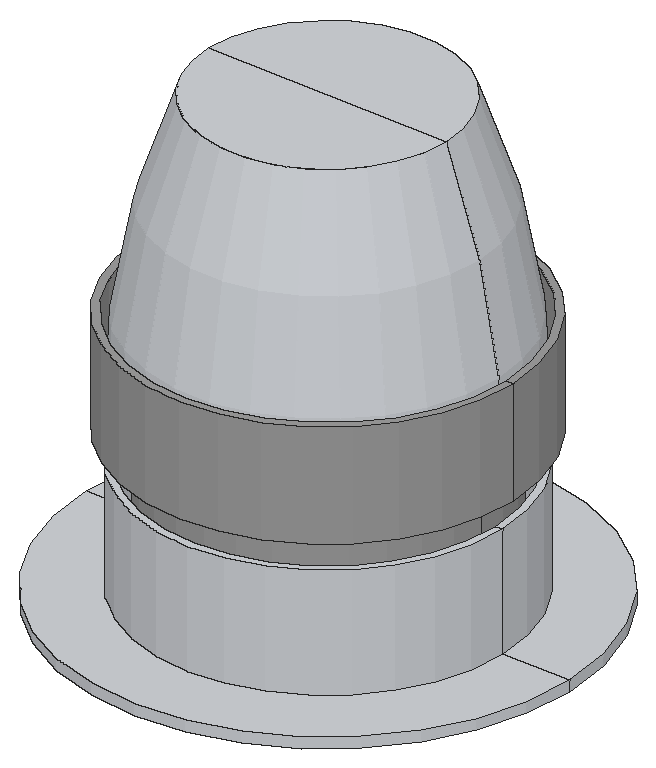
Revit family "Waterspring", category Lighting Fixtures, host Ceiling, Revit 2015
Parameters (values of type "Waterspring/Wide/8.4W/700mA/927/White")
  Weight = 220  # constant formula
  built-in parameter 1150103 = 8.4 W
  Wattage = "8.4W"  # constant formula
  WarrantyStartDate [instance] = "www.johncullenlighting.co.uk/terms_and_conditions/"  # constant formula
  WarrantyGuarantorParts = "www.johncullenlighting.co.uk/terms_and_conditions/"  # constant formula
  WarrantyGuarantorLabor = "www.johncullenlighting.co.uk/terms_and_conditions/"  # constant formula
  WarrantyDurationUnit = "www.johncullenlighting.co.uk/terms_and_conditions/"  # constant formula
  WarrantyDurationParts = "www.johncullenlighting.co.uk/terms_and_conditions/"  # constant formula
  WarrantyDurationLabor = "www.johncullenlighting.co.uk/terms_and_conditions/"  # constant formula
  WarrantyDescription = "Refer to John Cullen Lighting Ltd - Terms and Conditions document"  # constant formula
  built-in parameter 1150110 = 1 (stored number, unit not read)
  Version = "1"
  Uniclass2 = "Pr_70_70_48_71 Recessed luminaires"  # constant formula
  URL = "http://www.johncullenlighting.co.uk/products/bathroom-lights/waterspring-led/?product_search=waterspring"
  Type Comments = "Copyright © John Cullen 2017. John Cullen reserve the right to change the design and specification of our product range without prior notice. E&OE"  # constant formula
  built-in parameter 1114217 = 1 (stored number, unit not read)
  Tilt Angle = 90.00°
  built-in parameter 1150109 = 1 (stored number, unit not read)
  built-in parameter 1150134 = (empty or 0)
  TagNumber [instance] = "n/a"
  SustainabilityPerformance = "n/a"
  built-in parameter 1150113 = 1 (stored number, unit not read)
  SupplyCircuitConductorConnections = "n/a"
  Size = "D69x80"  # constant formula
  Shape = "Round"
  SerialNumber [instance] = "n/a"
  Revision = "n/a"
  ReplacementCost = "n/a"
  ProductInformation = "http://www.johncullenlighting.co.uk/products/bathroom-lights/waterspring-led/?product_search=waterspring"
  ProductClass = "Class III"  # constant formula
  PhotometricPerformance = "n/a"
  Photometric Web File = "Waterspring-Wide-927-700.IES"
  NominalWidth = 69 mm  # constant formula
  NominalLength = 69 mm  # constant formula
  NominalHeight = 80 mm  # constant formula
  Name = "Waterspring"  # constant formula
  NBSTypeID = "n/a"
  NBSReference = "n/a"
  NBSOfficeMasterTag = "n/a"
  NBSNote = "n/a"
  NBSDescription = "General purpose luminaires are described by characteristics such as standards, photometric performance and supply circuit conductor connections.\r\nAn example use may be within a hard wired general lighting system."  # constant formula
  NBSCertification = "n/a"
  ModelReference = "n/a"
  ModelNumber = "DLWSXX011"
  Model = "Waterspring"  # constant formula
  MaxAmbientTemperature = 35.00°
  Material = "Aluminium"
  ManufacturerURL = "www.johncullenlighting.co.uk"
  ManufacturerName = "John Cullen Lighting Ltd"  # constant formula
  Manufacturer = "John Cullen Lighting Ltd"  # constant formula
  built-in parameter 1150105 = 12501.3 (stored number, unit not read)
  Lumens = 467.04 lm
  LuminaireType = "n/a"
  LuminairePowerFactor = "n/a"
  LuminaireLumens = "467 lm"
  built-in parameter 1150115 = 1 (stored number, unit not read)
  built-in parameter 1150137 = (empty or 0)
  built-in parameter 1150139 = (empty or 0)
  LampType = "LED"  # constant formula
  LampRating = "n/a"
  LampLumens = "585 lm"
  LampColourTemperature = "2700K"  # constant formula
  LampColourRendering = "93 Ra"  # constant formula
  built-in parameter 1150112 = 1 (stored number, unit not read)
  built-in parameter 1150114 = 1 (stored number, unit not read)
  Lamp = "LED"  # constant formula
  Keynote = "Technical data figures are for guidance only and are subject to ±5% tolerance"  # constant formula
  InternalFuse = "n/a"
  InsulationStandardClass = "Class III"  # constant formula
  InstallationDate [instance] = "Confirm via installer"  # constant formula
  built-in parameter 1150132 = (empty or 0)
  built-in parameter 1150102 = (empty or 0)
  built-in parameter 1150107 = 2700 (stored number, unit not read)
  built-in parameter 1150138 = (empty or 0)
  IngressProtection = "IP54"  # constant formula
  built-in parameter 1150106 = 125.01 (stored number, unit not read)
  IfcExportType = "n/a"
  IfcExportAs = "n/a"
  Grade = "n/a"
  ForwardVoltage = "12V DC"  # constant formula
  Finish = "White"
  Features = "n/a"
  ExpectedLife = "Lifetime L70/B10 >50,000 hrs"  # constant formula
  built-in parameter 1150104 = 5.1654 (stored number, unit not read)
  Efficacy = "55.6 lm/W"
  DurationUnit = "year"
  Dimming Lamp Color Temperature Shift = <None>
  Description = "Waterproof downlight with deep baffle and minimal bezel"  # constant formula
  CurrentRating = "700mA"  # constant formula
  Cost = 0
  ControlGearPosition = "Remote"  # constant formula
  Constituents = "n/a"
  Color Filter = 16777215
  Color = "White"
  CodePerformance = "DLWSXX011"
  Category = "n/a"
  CableType = "2 Core Silicon"  # constant formula
  CableSize = "6.4mm OD - 2 off 24/0.2 Tinned Copper Wire"  # constant formula
  CableLength = 185 mm  # constant formula
  Beam Width = "Wide"
  BarCode [instance] = "n/a"
  BallastCELMAEnergyEfficiencyIndex = "See driver specification"  # constant formula
  built-in parameter 1114218 = 1 (stored number, unit not read)
  BIMObjectName = "Waterspring"  # constant formula
  Author = "John Cullen Lighting Ltd"  # constant formula
  built-in parameter 1150133 = 10 (stored number, unit not read)
  AssetType = "n/a"
  AssetIdentifier [instance] = "n/a"
  Assembly Code = "n/a"
  AccessibilityPerformance = "n/a"
Types (3, lengths in mm): name | Photometric Web File | built-in parameter 1150105 | Lumens | LuminaireLumens | LampLumens | built-in parameter 1150106 | built-in parameter 1150104 | Efficacy | Beam Width
  Waterspring/Medium/8.4W/700mA/927/White | "Waterspring-Medium-927-700.IES" | 35.161 (stored number, unit not read) | 441.84 lm | "442 lm" | "624 lm" | 0.35161 (stored number, unit not read) | 4.8867 (stored number, unit not read) | "52.6 lm/W" | "Medium"
  Waterspring/Narrow/8.4W/700mA/927/White | "Waterspring-Narrow-927-700.IES" | 2086.4 (stored number, unit not read) | 472.92 lm | "473 lm" | "590 lm" | 20.864 (stored number, unit not read) | 5.2304 (stored number, unit not read) | "56.3 lm/W" | "Narrow"
  Waterspring/Wide/8.4W/700mA/927/White | "Waterspring-Wide-927-700.IES" | 12501.3 (stored number, unit not read) | 467.04 lm | "467 lm" | "585 lm" | 125.01 (stored number, unit not read) | 5.1654 (stored number, unit not read) | "55.6 lm/W" | "Wide"
Reference planes
  plane 1 "Center (Front/Back)": y = 0
  plane 2: z = 0
  plane 3 "Center (Left/Right)": x = 0
  plane 4 "Ceiling": z = 4000
Forms (mm)
  Revolve 1, solid, material "Default"
    sketch origin (0, 0, 0) x (1, 0, 0) y (0, 0, 1)
      loop
        line (25.5, 4035.2) -> (25.5, 4021.2) -> (20, 4021.2) -> (20, 4003) -> (24, 4003) -> (24, 4004.5) -> (22, 4004.5) -> (22, 4020.2) -> (26.5, 4020.2) -> (26.5, 4035.2) -> (25.5, 4035.2)
      axis (0, 4035.2) -> (0, 4003)
    angle from 0 to 360
  Revolve 2, solid
    sketch origin (0, 0, -35.695) x (1, 0, 0) y (0, 0, 1)
      loop
        line (0, 4056.272) -> (25, 4056.272)
        arc (25, 4056.272) -> (23.298, 4077.833) -> (17, 4098.522) r 100
        line (17, 4098.522) -> (0, 4098.522) -> (0, 4056.272)
      axis (0, 4098.522) -> (0, 4056.272)
    angle from 0 to 360
  Extrusion 3, void
    sketch origin (0, 0, 4000) x (0, 1, 0) y (-1, 0, 0)
      loop
        circle (0, 0) r 30
    from 0 to 120
  Revolve 4, solid, not visible
    sketch origin (0, 0, -26.633) x (1, 0, 0) y (0, 0, 1)
      loop
        line (0, 4056.272) -> (25, 4056.272) -> (25, 4057.522) -> (18, 4057.522) -> (18, 4060.522) -> (25, 4060.522) -> (25, 4061.772) -> (18, 4061.772) -> (18, 4064.772) -> (25, 4064.772) -> (25, 4066.022) -> (18, 4066.022) -> (18, 4069.022) -> (25, 4069.022) -> (25, 4070.272) -> (18, 4070.272) -> (18, 4073.272) -> (25, 4073.272) -> (25, 4074.522) -> (18, 4074.522) -> (18, 4077.522) -> (25, 4077.522) -> (25, 4078.772) -> (17, 4078.772) -> (17, 4081.772) -> (24, 4081.772) -> (24, 4083.022) -> (16, 4083.022) -> (16, 4086.022) -> (23, 4086.022) -> (23, 4087.272) -> (15, 4087.272) -> (15, 4090.272) -> (22, 4090.272) -> (22, 4091.522) -> (13, 4091.522) -> (13, 4096.522) -> (17, 4096.522) -> (17, 4098.522) -> (0, 4098.522) -> (0, 4056.272)
      axis (0, 4098.522) -> (0, 4056.272)
    angle from 0 to 360
  Revolve 5, solid, not visible
    sketch origin (0, 0, -38.508) x (1, 0, 0) y (0, 0, 1)
      loop
        line (0, 4056.272) -> (25, 4056.272) -> (25, 4057.522) -> (18, 4057.522) -> (18, 4060.522) -> (25, 4060.522) -> (25, 4061.772) -> (18, 4061.772) -> (18, 4064.772) -> (25, 4064.772) -> (25, 4066.022) -> (18, 4066.022) -> (18, 4069.022) -> (25, 4069.022) -> (25, 4070.272) -> (18, 4070.272) -> (18, 4073.272) -> (25, 4073.272) -> (25, 4074.522) -> (18, 4074.522) -> (18, 4077.522) -> (25, 4077.522) -> (25, 4078.772) -> (17, 4078.772) -> (17, 4081.772) -> (24, 4081.772) -> (24, 4083.022) -> (16, 4083.022) -> (16, 4086.022) -> (23, 4086.022) -> (23, 4087.272) -> (15, 4087.272) -> (15, 4090.272) -> (22, 4090.272) -> (22, 4091.522) -> (13, 4091.522) -> (13, 4096.522) -> (17, 4096.522) -> (17, 4098.522) -> (0, 4098.522) -> (0, 4056.272)
      axis (0, 4098.522) -> (0, 4056.272)
    angle from 0 to 360
  Revolve 6, solid
    sketch origin (0, 0, 0) x (1, 0, 0) y (0, 0, 1)
      loop
        line (34.5, 4000) -> (25, 4000) -> (25, 4016) -> (24, 4016) -> (24, 4000) -> (19, 4000) -> (19, 3998.5) -> (34.5, 3998.5) -> (34.5, 4000)
      axis (0, 3998.5) -> (0, 4016)
    angle from 0 to 360
  Extrusion 7, solid, material "Glass"
    sketch origin (0, 0, 4000) x (0, 1, 0) y (-1, 0, 0)
      loop
        circle (0, 0) r 24
    from 0 to 3
Dimensions and locks
  equal spacing: host sketch curve, plane 3 "Center (Left/Right)", host sketch curve
  equal spacing: host sketch curve, plane 1 "Center (Front/Back)", host sketch curve
  host sketch curve to host sketch curve = 4000 mm  (x2)
  plane 4 "Ceiling" to host ceiling = 0 mm
